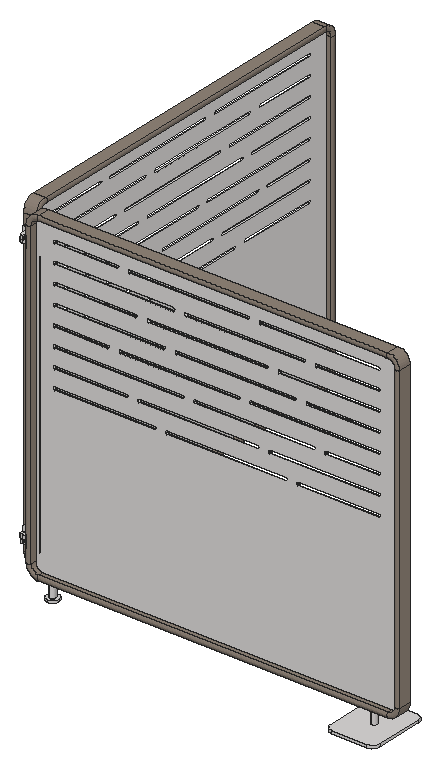
Revit family "Screen-Teknion-ZNFGH_Hinged_Screen-R2019", category Furniture, Revit 2020
Family settings
  OmniClass Number = 23.40.20.00
  OmniClass Title = General Furniture and Specialties
  Work Plane-Based = No
  Always vertical = Yes
  Cut with Voids When Loaded = No
  Shared = Yes
  Room Calculation Point = No
Parameters (values of type "Partial Slot Screen 1, Partial Slot Screen 2")
  Warranty = "http://www.teknion.com/ca/papers/legal-canada"
  Unit Weight URL = "http://www.teknion.com/ca/tools/assets#&asset=bee6a381-b954-425e-8283-5a2de3a804f2,f828d448-4b62-4231-9e5f-9a8991c0ed77"
  URL = "www.teknion.com"
  Trim Wood Finish [instance] = Veneer - Teknion - BR - Greystone Beech
  To render please download texture images found here [instance] = "https://assets.teknion.com/web/5e81352c1dfdb467/revit-material-swatches/"
  Sustainability Data = "https://www.teknion.com/ca/tools/assets#&topic=216f99a5-57a0-44fc-b10a-9dee9b29ae4c&asset=444deb64-fe58-4b68-981e-f75e97781df7,b4ff2d81-9f2e-437d-9659-7cffb09c31cf"
  Slot [instance] = and(Screen 1 Width = 36.000")  # no
  Series = "Screens"
  Screen Finish [instance] = Laminate - Teknion - 2T -Crisp Grey
  Screen 2 Width [instance] = 60.000"
  Screen 1 Width [instance] = 60.000"
  Product Page URL = "https://www.teknion.com/ca/products/product-details?productlineid=b28c7a6e-8e7a-673b-a6c8-ff64004460c4"
  Product Line = "Zones"
  Product Documentation Link = "https://www.teknion.com/pricing/zones/pdfs/ZNFGH_ppg.pdf"
  Partial Slot Screen 2 = yes
  Partial Slot Screen 1 = yes
  Part Number = "ZNFGH"
  Paint Finish [instance] = Seamless Paint - Teknion - 25 - Crisp Grey
  Model = "ZNFGH55PP____"
  Manufacturer Phone = "416-661-3370"  # constant formula
  Manufacturer Fax = "416.661.4586"  # constant formula
  Manufacturer Contact Information = "http://www.teknion.com/ca/contactus"
  Manufacturer Address = "1150 Flint Road, Toronto, ON. M3J 2J5. Canada"  # constant formula
  Manufacturer = "Teknion"  # constant formula
  How To Use Teknion Materials User Guide [instance] = "https://assets.teknion.com/m/205dd0a49fa58060/original/How-to-add-a-Material-Library-and-Texture-Images-to-your-Revit-project.pdf"
  For Additional Finishes please visit [instance] = "https://assets.teknion.com/m/44a8009b046e5d47/original/Teknion_Materials_Library.zip"
  Description = "Partial Slot Screen1, Partial Slot Screen 2"
  Default Elevation = 17.400"
  Available Screens Width [instance] = "36,42,48,54,or 60 inches."  # constant formula
  Available Angle = "The hinged screen can be freely angled between 90°-120°"
  Assembly Code = "E2020200"
  Angle [instance] = 90.00°
  Actual Screen 2 Width [instance] = if(Screen 2 Width = 36.000", 42.162", if(Screen 2 Width = 42.000", 48.162", if(Screen 2 Width = 48.000", 54.162", if(Screen 2 Width = 54.000", 60.162", 66.162"))))  # 66.162"
  Actual Screen 1 Width [instance] = if(Screen 1 Width = 36.000", 42.162", if(Screen 1 Width = 42.000", 48.162", if(Screen 1 Width = 48.000", 54.162", if(Screen 1 Width = 54.000", 60.162", 66.162"))))  # 66.162"
  60" Slot Screen 2 Partial [instance] = if(and(Partial Slot Screen 2, Screen 2 Width = 60.000"), 30.186", 60.000")  # 30.186"
  60" Slot Screen 1 Partial [instance] = if(and(Partial Slot Screen 1, Screen 1 Width = 60.000"), 30.186", 60.000")  # 30.186"
  54" Slot Screen 2 Partial [instance] = if(and(Partial Slot Screen 2, Screen 2 Width = 54.000"), 30.186", 60.000")  # 60.000"
  54" Slot Screen 1 Partial [instance] = if(and(Partial Slot Screen 1, Screen 1 Width = 54.000"), 30.186", 60.000")  # 60.000"
  48" Slot Screen 2 Partial [instance] = if(and(Partial Slot Screen 2, Screen 2 Width = 48.000"), 30.186", 60.000")  # 60.000"
  48" Slot Screen 1 Partial [instance] = if(and(Partial Slot Screen 1, Screen 1 Width = 48.000"), 30.186", 60.000")  # 60.000"
  42" Slot Screen 2 Partial [instance] = if(and(Partial Slot Screen 2, Screen 2 Width = 42.000"), 30.186", 60.000")  # 60.000"
  42" Slot Screen 1 Partial [instance] = if(and(Partial Slot Screen 1, Screen 1 Width = 42.000"), 30.186", 60.000")  # 60.000"
  36" Slot Screen 2 Partial [instance] = if(and(Partial Slot Screen 2, Screen 2 Width = 36.000"), 30.186", 60.000")  # 60.000"
  36" Slot Screen 1 Partial [instance] = if(and(Partial Slot Screen 1, Screen 1 Width = 36.000"), 30.186", 60.000")  # 60.000"
Reference planes (in)
  plane 1 "Center Front/Back": y = 14.74584
  plane 2: z = 0
  plane 3 "Center Left/Right": x = 10.13232
  plane 4 "Left": x = -22.94868
  plane 5 "Right": x = 43.21332
  plane 6 "Back": y = 47.82684
  plane 7 "Front": y = -18.33516
  plane 8 "Top": z = 55.0595
  plane 9: x = -19.09045
  plane 10: x = -17.94868
  plane 11: y = -14.47864
  plane 12: y = -13.34424
Forms (in)
  Sweep 1, solid, material "Seamless Paint - Teknion - 25 - Crisp Grey" <- "Paint Finish"
    path origin (-34.02955, -22.90961, 0) x (0, 1, 0) y (0, 0, 1)
      loop
        line (15.04054, 2.4575) -> (15.04054, 2.5625)
    profile origin (-34.02955, -7.86907, 2.51) x (0, -1, 0) y (1, 0, 0)
      loop
        line (1.6548, 15.24317) -> (1.6548, 16.91856) -> (-1.59525, 16.91856) -> (-1.59525, 15.24317) -> (1.6548, 15.24317)
  Sweep 2, solid, material "Seamless Paint - Teknion - 25 - Crisp Grey" <- "Paint Finish"
    path origin (-34.02955, 4.61953, 0) x (0, 1, 0) y (0, 0, 1)
      loop
        line (-13.37253, 2.4575) -> (-13.37253, 0.4579)
    profile origin (-34.02955, -8.753, 1.4577) x (1, 0, 0) y (0, 1, 0)
      loop
        circle (16.08201, 0.04072) r 0.5
  Sweep 3, solid, material "Seamless Paint - Teknion - 25 - Crisp Grey" <- "Paint Finish"
    path origin (-34.02955, 4.61953, 0) x (0, 1, 0) y (0, 0, 1)
      loop
        line (-13.183, 0) -> (-13.183, 0.24189)
    profile origin (-34.02955, -8.56346, 0.12094) x (0, -1, 0) y (1, 0, 0)
      loop
        circle (0.14854, 16.08057) r 1
  Sweep 4, solid, material "Seamless Paint - Teknion - 25 - Crisp Grey" <- "Paint Finish"
    path origin (-34.02955, 4.61953, 0) x (0, 1, 0) y (0, 0, 1)
      loop
        line (-13.33181, 0.4579) -> (-13.33181, 0.24189)
    profile origin (-34.02955, -8.71228, 0.34989) x (1, 0, 0) y (0, 1, 0)
      loop
        circle (16.08225, -0.00232) r 0.37663
  Sweep 5, solid, material "Seamless Paint - Teknion - 25 - Crisp Grey" <- "Paint Finish"
    path origin (-34.02935, 4.61311, 0) x (0, 1, 0) y (0, 0, 1)
      loop
        line (37.77122, 0.375) -> (37.77122, 0)
    profile origin (-34.02935, 42.38434, 0.1875) x (1, 0, 0) y (0, 1, 0)
      loop
        line (11.08067, 3.3189) -> (11.08067, -2.3189)
        arc (11.08067, -2.3189) -> (11.42661, -3.15406) -> (12.26178, -3.5) r 1.1811
        line (12.26178, -3.5) -> (19.89957, -3.5)
        arc (19.89957, -3.5) -> (20.73474, -3.15406) -> (21.08067, -2.3189) r 1.1811
        line (21.08067, -2.3189) -> (21.08067, 3.3189)
        arc (21.08067, 3.3189) -> (20.73474, 4.15406) -> (19.89957, 4.5) r 1.1811
        line (19.89957, 4.5) -> (12.26178, 4.5)
        arc (12.26178, 4.5) -> (11.42661, 4.15406) -> (11.08067, 3.3189) r 1.1811
  Sweep 6, solid, material "Seamless Paint - Teknion - 25 - Crisp Grey" <- "Paint Finish"
    path origin (-34.02935, 4.61311, 0) x (0, 1, 0) y (0, 0, 1)
      loop
        line (38.10346, 2.4575) -> (38.10346, 0.375)
    profile origin (-34.02935, 42.71657, 1.41625) x (1, 0, 0) y (0, 1, 0)
      loop
        circle (16.08114, 0.16756) r 0.5
  Sweep 7, solid, material "Seamless Paint - Teknion - 25 - Crisp Grey" <- "Paint Finish"
    path origin (-34.02935, 4.61311, 0) x (0, 1, 0) y (0, 0, 1)
      loop
        line (39.0412, 2.4575) -> (39.0412, 2.5625)
    profile origin (-34.02935, 43.65431, 2.51) x (0, -1, 0) y (1, 0, 0)
      loop
        line (1.58258, 15.24317) -> (1.58258, 16.91856) -> (-1.52294, 16.91856) -> (-1.52294, 15.24317) -> (1.58258, 15.24317)
  Sweep 8, solid, material "Laminate - Teknion - 2T -Crisp Grey" <- "Screen Finish"
    path origin (-4.61352, 7.03937, 0) x (0, -1, 0) y (1, 0, 0)
      loop
        line (18.42578, -13.21341) -> (-40.00018, -13.21341)
    profile origin (-17.82693, 17.82657, 0) x (-1, 0, 0) y (0, 0, 1)
      loop
        line (0, 54.27222) -> (0, 3.3499) -> (0.2435, 3.3499) -> (0.2435, 54.27222) -> (0, 54.27222)
  Sweep 9, solid, material "Seamless Paint - Teknion - 25 - Crisp Grey" <- "Paint Finish"
    path origin (0, 0, 0) x (1, 0, 0) y (0, 1, 0)
      loop
        line (-18.74953, -12.17381) -> (-18.74953, -12.36181)
    profile origin (-18.74953, -12.26781, 0) x (1, 0, 0) y (0, 0, 1)
      loop
        line (-0.12106, 51.07408) -> (-0.12106, 49.6533)
        arc (-0.12106, 49.6533) -> (-0.00577, 49.37496) -> (0.27258, 49.25966) r 0.39364
        line (0.27258, 49.25966) -> (1.32913, 49.25966)
        arc (1.32913, 49.25966) -> (1.60747, 49.37496) -> (1.72277, 49.6533) r 0.39364
        line (1.72277, 49.6533) -> (1.72277, 51.07408)
        arc (1.72277, 51.07408) -> (1.60747, 51.35242) -> (1.32913, 51.46772) r 0.39364
        line (1.32913, 51.46772) -> (0.27258, 51.46772)
        arc (0.27258, 51.46772) -> (-0.00577, 51.35242) -> (-0.12106, 51.07408) r 0.39364
  Sweep 10, solid, material "Seamless Paint - Teknion - 25 - Crisp Grey" <- "Paint Finish"
    path origin (10.13232, 0, 0) x (0, 1, 0) y (0, 0, 1)
      loop
        line (-12.96992, 50.36907) -> (-12.96992, 49.78786)
    profile origin (10.13232, -12.96992, 50.07846) x (1, 0, 0) y (0, 1, 0)
      loop
        line (-28.45808, 0.67111) -> (-28.44637, 0) -> (-27.71563, 0) -> (-27.70392, 0.67111) -> (-28.45808, 0.67111)
  Sweep 11, solid, material "Seamless Paint - Teknion - 25 - Crisp Grey" <- "Paint Finish"
    path origin (10.13232, 0, 0) x (0, 1, 0) y (0, 0, 1)
      loop
        line (-12.29881, 50.36907) -> (-12.29881, 50.91284)
    profile origin (10.13232, -12.29881, 50.64096) x (0, -1, 0) y (1, 0, 0)
      loop
        line (1.4899, -27.92197) -> (1.35023, -27.84455)
        arc (1.35023, -27.84455) -> (1.12424, -27.75325) -> (0.88287, -27.71933) r 1
        line (0.88287, -27.71933) -> (0.06295, -27.70501) -> (0.06295, -28.45699) -> (0.88287, -28.44267)
        arc (0.88287, -28.44267) -> (1.12424, -28.40875) -> (1.35023, -28.31745) r 1
        line (1.35023, -28.31745) -> (1.4899, -28.24003) -> (1.4899, -27.92197)
  Sweep 12, solid, material "Seamless Paint - Teknion - 25 - Crisp Grey" <- "Paint Finish"
    path origin (0.00027, 0, -43.11535) x (1, 0, 0) y (0, 1, 0)
      loop
        line (-18.74953, -12.17381) -> (-18.74953, -12.36181)
    profile origin (-18.74926, -12.26781, -43.11535) x (1, 0, 0) y (0, 0, 1)
      loop
        line (-0.12106, 51.07408) -> (-0.12106, 49.6533)
        arc (-0.12106, 49.6533) -> (-0.00577, 49.37496) -> (0.27258, 49.25966) r 0.39364
        line (0.27258, 49.25966) -> (1.32913, 49.25966)
        arc (1.32913, 49.25966) -> (1.60747, 49.37496) -> (1.72277, 49.6533) r 0.39364
        line (1.72277, 49.6533) -> (1.72277, 51.07408)
        arc (1.72277, 51.07408) -> (1.60747, 51.35242) -> (1.32913, 51.46772) r 0.39364
        line (1.32913, 51.46772) -> (0.27258, 51.46772)
        arc (0.27258, 51.46772) -> (-0.00577, 51.35242) -> (-0.12106, 51.07408) r 0.39364
  Sweep 13, solid, material "Seamless Paint - Teknion - 25 - Crisp Grey" <- "Paint Finish"
    path origin (-1.86753, 0, -42.57157) x (0, 1, 0) y (0, 0, 1)
      loop
        line (-12.96992, 50.36907) -> (-12.96992, 49.78786)
    profile origin (-1.86753, -12.96992, 7.50689) x (1, 0, 0) y (0, 1, 0)
      loop
        line (-16.45796, 0.67111) -> (-16.44625, 0) -> (-15.7155, 0) -> (-15.70379, 0.67111) -> (-16.45796, 0.67111)
  Sweep 14, solid, material "Seamless Paint - Teknion - 25 - Crisp Grey" <- "Paint Finish"
    path origin (-1.86753, 0, -43.69656) x (0, 1, 0) y (0, 0, 1)
      loop
        line (-12.29881, 50.36907) -> (-12.29881, 50.91284)
    profile origin (-1.86753, -12.29881, 6.9444) x (0, -1, 0) y (1, 0, 0)
      loop
        line (1.4899, -15.92185) -> (1.35023, -15.84443)
        arc (1.35023, -15.84443) -> (1.12424, -15.75312) -> (0.88287, -15.7192) r 1
        line (0.88287, -15.7192) -> (0.06295, -15.70489) -> (0.06295, -16.45686) -> (0.88287, -16.44255)
        arc (0.88287, -16.44255) -> (1.12424, -16.40863) -> (1.35023, -16.31732) r 1
        line (1.35023, -16.31732) -> (1.4899, -16.2399) -> (1.4899, -15.92185)
  Sweep 15, void
    path origin (0, 0, 0) x (1, 0, 0) y (0, 1, 0)
      loop
        line (-21.02332, 23.12762) -> (-14.30403, 23.12762)
    profile origin (-17.66368, 23.12762, 0) x (0, 1, 0) y (0, 0, 1)
      loop
        line (8.66287, 81.66932) -> (1.74417, 81.66932)
        arc (1.74417, 81.66932) -> (1.4489, 81.37405) -> (1.74417, 81.07877) r 0.29528
        line (1.74417, 81.07877) -> (8.66287, 81.07877)
        arc (8.66287, 81.07877) -> (8.87166, 81.16526) -> (8.95814, 81.37405) r 0.29528
        arc (8.95814, 81.37405) -> (8.87166, 81.58284) -> (8.66287, 81.66932) r 0.29528
      loop
        line (8.66287, 78.66142) -> (-10.25808, 78.66142)
        arc (-10.25808, 78.66142) -> (-10.55335, 78.36614) -> (-10.25808, 78.07087) r 0.29528
        line (-10.25808, 78.07087) -> (8.66287, 78.07087)
        arc (8.66287, 78.07087) -> (8.87166, 78.15735) -> (8.95814, 78.36614) r 0.29528
        arc (8.95814, 78.36614) -> (8.87166, 78.57493) -> (8.66287, 78.66142) r 0.29528
      loop
        arc (-19.25808, 78.66142) -> (-19.55335, 78.36614) -> (-19.25808, 78.07087) r 0.29528
        line (-19.25808, 78.07087) -> (-12.34618, 78.07087)
        arc (-12.34618, 78.07087) -> (-12.05091, 78.36614) -> (-12.34618, 78.66142) r 0.29528
        line (-12.34618, 78.66142) -> (-19.25808, 78.66142)
      loop
        line (2.65394, 75.64961) -> (-19.25808, 75.64961)
        arc (-19.25808, 75.64961) -> (-19.55335, 75.35433) -> (-19.25808, 75.05906) r 0.29528
        line (-19.25808, 75.05906) -> (2.65394, 75.05906)
        arc (2.65394, 75.05906) -> (2.94922, 75.35433) -> (2.65394, 75.64961) r 0.29528
      loop
        arc (8.66287, 75.05906) -> (8.87166, 75.14554) -> (8.95814, 75.35433) r 0.29528
        arc (8.95814, 75.35433) -> (8.87166, 75.56312) -> (8.66287, 75.64961) r 0.29528
        line (8.66287, 75.64961) -> (4.74449, 75.64961)
        arc (4.74449, 75.64961) -> (4.44922, 75.35433) -> (4.74449, 75.05906) r 0.29528
        line (4.74449, 75.05906) -> (8.66287, 75.05906)
      loop
        line (8.66287, 72.6378) -> (-11.75811, 72.6378)
        arc (-11.75811, 72.6378) -> (-12.05339, 72.34252) -> (-11.75811, 72.04724) r 0.29528
        line (-11.75811, 72.04724) -> (8.66287, 72.04724)
        arc (8.66287, 72.04724) -> (8.87166, 72.13373) -> (8.95814, 72.34252) r 0.29528
        arc (8.95814, 72.34252) -> (8.87166, 72.55131) -> (8.66287, 72.6378) r 0.29528
      loop
        arc (-19.25808, 72.6378) -> (-19.55335, 72.34252) -> (-19.25808, 72.04724) r 0.29528
        line (-19.25808, 72.04724) -> (-13.84606, 72.04724)
        arc (-13.84606, 72.04724) -> (-13.55078, 72.34252) -> (-13.84606, 72.6378) r 0.29528
        line (-13.84606, 72.6378) -> (-19.25808, 72.6378)
      loop
        line (-1.84606, 69.62598) -> (-19.25808, 69.62598)
        arc (-19.25808, 69.62598) -> (-19.55335, 69.33071) -> (-19.25808, 69.03543) r 0.29528
        line (-19.25808, 69.03543) -> (-1.84606, 69.03543)
        arc (-1.84606, 69.03543) -> (-1.55078, 69.33071) -> (-1.84606, 69.62598) r 0.29528
      loop
        arc (8.66287, 69.03543) -> (8.87166, 69.12192) -> (8.95814, 69.33071) r 0.29528
        arc (8.95814, 69.33071) -> (8.87166, 69.5395) -> (8.66287, 69.62598) r 0.29528
        line (8.66287, 69.62598) -> (0.24084, 69.62598)
        arc (0.24084, 69.62598) -> (-0.05444, 69.33071) -> (0.24084, 69.03543) r 0.29528
        line (0.24084, 69.03543) -> (8.66287, 69.03543)
      loop
        line (8.66287, 66.61417) -> (-8.75585, 66.61417)
        arc (-8.75585, 66.61417) -> (-9.05112, 66.3189) -> (-8.75585, 66.02362) r 0.29528
        line (-8.75585, 66.02362) -> (8.66287, 66.02362)
        arc (8.66287, 66.02362) -> (8.87166, 66.11011) -> (8.95814, 66.3189) r 0.29528
        arc (8.95814, 66.3189) -> (8.87166, 66.52769) -> (8.66287, 66.61417) r 0.29528
      loop
        arc (-19.25808, 66.61417) -> (-19.55335, 66.3189) -> (-19.25808, 66.02362) r 0.29528
        line (-19.25808, 66.02362) -> (-10.84606, 66.02362)
        arc (-10.84606, 66.02362) -> (-10.55078, 66.3189) -> (-10.84606, 66.61417) r 0.29528
        line (-10.84606, 66.61417) -> (-19.25808, 66.61417)
      loop
        line (8.66287, 63.60236) -> (3.24449, 63.60236)
        arc (3.24449, 63.60236) -> (2.94922, 63.30709) -> (3.24449, 63.01181) r 0.29528
        line (3.24449, 63.01181) -> (8.66287, 63.01181)
        arc (8.66287, 63.01181) -> (8.87166, 63.0983) -> (8.95814, 63.30709) r 0.29528
        arc (8.95814, 63.30709) -> (8.87166, 63.51588) -> (8.66287, 63.60236) r 0.29528
      loop
        arc (-19.25808, 63.60236) -> (-19.55335, 63.30709) -> (-19.25808, 63.01181) r 0.29528
        line (-19.25808, 63.01181) -> (1.15394, 63.01181)
        arc (1.15394, 63.01181) -> (1.44922, 63.30709) -> (1.15394, 63.60236) r 0.29528
        line (1.15394, 63.60236) -> (-19.25808, 63.60236)
      loop
        line (8.66287, 60.59055) -> (-13.2582, 60.59055)
        arc (-13.2582, 60.59055) -> (-13.55348, 60.29528) -> (-13.2582, 60) r 0.29528
        line (-13.2582, 60) -> (8.66287, 60)
        arc (8.66287, 60) -> (8.87166, 60.08648) -> (8.95814, 60.29528) r 0.29528
        arc (8.95814, 60.29528) -> (8.87166, 60.50407) -> (8.66287, 60.59055) r 0.29528
      loop
        arc (-19.25808, 60.59055) -> (-19.55335, 60.29528) -> (-19.25808, 60) r 0.29528
        line (-19.25808, 60) -> (-15.34588, 60)
        arc (-15.34588, 60) -> (-15.0506, 60.29528) -> (-15.34588, 60.59055) r 0.29528
        line (-15.34588, 60.59055) -> (-19.25808, 60.59055)
      loop
        line (-0.34521, 81.67323) -> (-19.25808, 81.67323)
        arc (-19.25808, 81.67323) -> (-19.55335, 81.37795) -> (-19.25808, 81.08268) r 0.29528
        line (-19.25808, 81.08268) -> (-0.34521, 81.08268)
        arc (-0.34521, 81.08268) -> (-0.04994, 81.37795) -> (-0.34521, 81.67323) r 0.29528
  Sweep 16, solid, material "Veneer - Teknion - BR - Greystone Beech" <- "Trim Wood Finish"
    path origin (10.13232, 0, 0) x (0, 1, 0) y (0, 0, 1)
      loop
        arc (-10.20531, 54.2721) -> (-11.04047, 53.92617) -> (-11.38641, 53.091) r 1.1811
        line (-11.38641, 53.091) -> (-11.38641, 4.531)
        arc (-11.38641, 4.531) -> (-11.04047, 3.69583) -> (-10.20531, 3.3499) r 1.1811
        line (-10.20531, 3.3499) -> (45.85833, 3.3499)
        arc (45.85833, 3.3499) -> (46.6935, 3.69583) -> (47.03944, 4.531) r 1.1811
        line (47.03944, 4.531) -> (47.03944, 53.091)
        arc (47.03944, 53.091) -> (46.6935, 53.92617) -> (45.85833, 54.2721) r 1.1811
        line (45.85833, 54.2721) -> (-10.20531, 54.2721)
    profile origin (10.13232, 17.82651, 54.2721) x (0, 0, 1) y (1, 0, 0)
      loop
        arc (0.7874, -27.09675) -> (0.3937, -26.93904) -> (0, -27.09675) r 0.57028
        line (0, -27.09675) -> (0, -29.06525)
        arc (0, -29.06525) -> (0.3937, -29.22273) -> (0.7874, -29.06525) r 0.57087
        line (0.7874, -29.06525) -> (0.7874, -27.09675)
  Sweep 17, void
    path origin (0, 0, 0) x (1, 0, 0) y (0, 1, 0)
      loop
        line (-21.02234, 3.06769) -> (-14.27234, 3.06769)
    profile origin (-17.64734, 3.06769, 0) x (0, 1, 0) y (0, 0, 1)
      loop
        line (31.71897, 81.67323) -> (21.80378, 81.67323)
        arc (21.80378, 81.67323) -> (21.5085, 81.37795) -> (21.80378, 81.08268) r 0.29528
        line (21.80378, 81.08268) -> (31.71897, 81.08268)
        arc (31.71897, 81.08268) -> (32.01425, 81.37795) -> (31.71897, 81.67323) r 0.29528
      loop
        line (19.71323, 81.67323) -> (-2.20197, 81.67323)
        arc (-2.20197, 81.67323) -> (-2.49725, 81.37795) -> (-2.20197, 81.08268) r 0.29528
        line (-2.20197, 81.08268) -> (19.71323, 81.08268)
        arc (19.71323, 81.08268) -> (20.0085, 81.37795) -> (19.71323, 81.67323) r 0.29528
      loop
        line (31.71897, 78.66142) -> (9.80378, 78.66142)
        arc (9.80378, 78.66142) -> (9.5085, 78.36614) -> (9.80378, 78.07087) r 0.29528
        line (9.80378, 78.07087) -> (31.71897, 78.07087)
        arc (31.71897, 78.07087) -> (32.01425, 78.36614) -> (31.71897, 78.66142) r 0.29528
      loop
        line (7.71323, 78.66142) -> (-2.20197, 78.66142)
        arc (-2.20197, 78.66142) -> (-2.49725, 78.36614) -> (-2.20197, 78.07087) r 0.29528
        line (-2.20197, 78.07087) -> (7.71323, 78.07087)
        arc (7.71323, 78.07087) -> (8.0085, 78.36614) -> (7.71323, 78.66142) r 0.29528
      loop
        line (22.71323, 75.64961) -> (3.80378, 75.64961)
        arc (3.80378, 75.64961) -> (3.5085, 75.35433) -> (3.80378, 75.05906) r 0.29528
        line (3.80378, 75.05906) -> (22.71323, 75.05906)
        arc (22.71323, 75.05906) -> (23.0085, 75.35433) -> (22.71323, 75.64961) r 0.29528
      loop
        line (1.71323, 75.64961) -> (-2.20197, 75.64961)
        arc (-2.20197, 75.64961) -> (-2.49725, 75.35433) -> (-2.20197, 75.05906) r 0.29528
        line (-2.20197, 75.05906) -> (1.71323, 75.05906)
        arc (1.71323, 75.05906) -> (2.0085, 75.35433) -> (1.71323, 75.64961) r 0.29528
      loop
        line (6.21323, 72.6378) -> (-2.20197, 72.6378)
        arc (-2.20197, 72.6378) -> (-2.49725, 72.34252) -> (-2.20197, 72.04724) r 0.29528
        line (-2.20197, 72.04724) -> (6.21323, 72.04724)
        arc (6.21323, 72.04724) -> (6.5085, 72.34252) -> (6.21323, 72.6378) r 0.29528
      loop
        line (27.21323, 72.6378) -> (8.30378, 72.6378)
        arc (8.30378, 72.6378) -> (8.0085, 72.34252) -> (8.30378, 72.04724) r 0.29528
        line (8.30378, 72.04724) -> (27.21323, 72.04724)
        arc (27.21323, 72.04724) -> (27.5085, 72.34252) -> (27.21323, 72.6378) r 0.29528
      loop
        line (31.71897, 69.62598) -> (20.30378, 69.62598)
        arc (20.30378, 69.62598) -> (20.0085, 69.33071) -> (20.30378, 69.03543) r 0.29528
        line (20.30378, 69.03543) -> (31.71897, 69.03543)
        arc (31.71897, 69.03543) -> (32.01425, 69.33071) -> (31.71897, 69.62598) r 0.29528
      loop
        line (29.30378, 72.04724) -> (31.71897, 72.04724)
        arc (31.71897, 72.04724) -> (32.01425, 72.34252) -> (31.71897, 72.6378) r 0.29528
        line (31.71897, 72.6378) -> (29.30378, 72.6378)
        arc (29.30378, 72.6378) -> (29.0085, 72.34252) -> (29.30378, 72.04724) r 0.29528
      loop
        line (24.80378, 75.05906) -> (31.71897, 75.05906)
        arc (31.71897, 75.05906) -> (32.01425, 75.35433) -> (31.71897, 75.64961) r 0.29528
        line (31.71897, 75.64961) -> (24.80378, 75.64961)
        arc (24.80378, 75.64961) -> (24.5085, 75.35433) -> (24.80378, 75.05906) r 0.29528
      loop
        line (18.21323, 69.62598) -> (-2.20197, 69.62598)
        arc (-2.20197, 69.62598) -> (-2.49725, 69.33071) -> (-2.20197, 69.03543) r 0.29528
        line (-2.20197, 69.03543) -> (18.21323, 69.03543)
        arc (18.21323, 69.03543) -> (18.5085, 69.33071) -> (18.21323, 69.62598) r 0.29528
      loop
        line (9.21323, 66.61417) -> (-2.20197, 66.61417)
        arc (-2.20197, 66.61417) -> (-2.49725, 66.3189) -> (-2.20197, 66.02362) r 0.29528
        line (-2.20197, 66.02362) -> (9.21323, 66.02362)
        arc (9.21323, 66.02362) -> (9.5085, 66.3189) -> (9.21323, 66.61417) r 0.29528
      loop
        line (11.30378, 66.02362) -> (31.71897, 66.02362)
        arc (31.71897, 66.02362) -> (32.01425, 66.3189) -> (31.71897, 66.61417) r 0.29528
        line (31.71897, 66.61417) -> (11.30378, 66.61417)
        arc (11.30378, 66.61417) -> (11.0085, 66.3189) -> (11.30378, 66.02362) r 0.29528
      loop
        line (21.21323, 63.60236) -> (2.30378, 63.60236)
        arc (2.30378, 63.60236) -> (2.0085, 63.30709) -> (2.30378, 63.01181) r 0.29528
        line (2.30378, 63.01181) -> (21.21323, 63.01181)
        arc (21.21323, 63.01181) -> (21.5085, 63.30709) -> (21.21323, 63.60236) r 0.29528
      loop
        line (-2.20197, 63.01181) -> (0.21323, 63.01181)
        arc (0.21323, 63.01181) -> (0.5085, 63.30709) -> (0.21323, 63.60236) r 0.29528
        line (0.21323, 63.60236) -> (-2.20197, 63.60236)
        arc (-2.20197, 63.60236) -> (-2.49725, 63.30709) -> (-2.20197, 63.01181) r 0.29528
      loop
        line (4.71323, 60.59055) -> (-2.20197, 60.59055)
        arc (-2.20197, 60.59055) -> (-2.49725, 60.29528) -> (-2.20197, 60) r 0.29528
        line (-2.20197, 60) -> (4.71323, 60)
        arc (4.71323, 60) -> (5.0085, 60.29528) -> (4.71323, 60.59055) r 0.29528
      loop
        line (25.71323, 60.59055) -> (6.80378, 60.59055)
        arc (6.80378, 60.59055) -> (6.5085, 60.29528) -> (6.80378, 60) r 0.29528
        line (6.80378, 60) -> (25.71323, 60)
        arc (25.71323, 60) -> (26.0085, 60.29528) -> (25.71323, 60.59055) r 0.29528
      loop
        line (31.71897, 60.59055) -> (27.80378, 60.59055)
        arc (27.80378, 60.59055) -> (27.5085, 60.29528) -> (27.80378, 60) r 0.29528
        line (27.80378, 60) -> (31.71897, 60)
        arc (31.71897, 60) -> (32.01425, 60.29528) -> (31.71897, 60.59055) r 0.29528
      loop
        line (23.30378, 63.01181) -> (31.71897, 63.01181)
        arc (31.71897, 63.01181) -> (32.01425, 63.30709) -> (31.71897, 63.60236) r 0.29528
        line (31.71897, 63.60236) -> (23.30378, 63.60236)
        arc (23.30378, 63.60236) -> (23.0085, 63.30709) -> (23.30378, 63.01181) r 0.29528
  Sweep 18, void
    path origin (0, 0, 0) x (1, 0, 0) y (0, 1, 0)
      loop
        line (-21.0159, 0.31335) -> (-14.2659, 0.31335)
    profile origin (-17.6409, 0.31335, 0) x (0, 1, 0) y (0, 0, 1)
      loop
        line (37.47331, 81.67323) -> (24.55811, 81.67323)
        arc (24.55811, 81.67323) -> (24.34932, 81.58674) -> (24.26284, 81.37795) r 0.29528
        arc (24.26284, 81.37795) -> (24.34932, 81.16916) -> (24.55811, 81.08268) r 0.29528
        line (24.55811, 81.08268) -> (37.47331, 81.08268)
        arc (37.47331, 81.08268) -> (37.6821, 81.16916) -> (37.76859, 81.37795) r 0.29528
        arc (37.76859, 81.37795) -> (37.6821, 81.58674) -> (37.47331, 81.67323) r 0.29528
      loop
        line (22.46756, 81.67323) -> (3.55811, 81.67323)
        arc (3.55811, 81.67323) -> (3.34932, 81.58674) -> (3.26284, 81.37795) r 0.29528
        arc (3.26284, 81.37795) -> (3.34932, 81.16916) -> (3.55811, 81.08268) r 0.29528
        line (3.55811, 81.08268) -> (22.46756, 81.08268)
        arc (22.46756, 81.08268) -> (22.67635, 81.16916) -> (22.76284, 81.37795) r 0.29528
        arc (22.76284, 81.37795) -> (22.67635, 81.58674) -> (22.46756, 81.67323) r 0.29528
      loop
        line (1.46756, 81.67323) -> (-2.44764, 81.67323)
        arc (-2.44764, 81.67323) -> (-2.74291, 81.37795) -> (-2.44764, 81.08268) r 0.29528
        line (-2.44764, 81.08268) -> (1.46756, 81.08268)
        arc (1.46756, 81.08268) -> (1.67635, 81.16916) -> (1.76284, 81.37795) r 0.29528
        arc (1.76284, 81.37795) -> (1.67635, 81.58674) -> (1.46756, 81.67323) r 0.29528
      loop
        line (10.46756, 78.66142) -> (-2.44764, 78.66142)
        arc (-2.44764, 78.66142) -> (-2.74291, 78.36614) -> (-2.44764, 78.07087) r 0.29528
        line (-2.44764, 78.07087) -> (10.46756, 78.07087)
        arc (10.46756, 78.07087) -> (10.67635, 78.15735) -> (10.76284, 78.36614) r 0.29528
        arc (10.76284, 78.36614) -> (10.67635, 78.57493) -> (10.46756, 78.66142) r 0.29528
      loop
        line (31.46756, 78.66142) -> (12.55811, 78.66142)
        arc (12.55811, 78.66142) -> (12.34932, 78.57493) -> (12.26284, 78.36614) r 0.29528
        arc (12.26284, 78.36614) -> (12.34932, 78.15735) -> (12.55811, 78.07087) r 0.29528
        line (12.55811, 78.07087) -> (31.46756, 78.07087)
        arc (31.46756, 78.07087) -> (31.67635, 78.15735) -> (31.76284, 78.36614) r 0.29528
        arc (31.76284, 78.36614) -> (31.67635, 78.57493) -> (31.46756, 78.66142) r 0.29528
      loop
        line (37.47331, 78.66142) -> (33.55811, 78.66142)
        arc (33.55811, 78.66142) -> (33.34932, 78.57493) -> (33.26284, 78.36614) r 0.29528
        arc (33.26284, 78.36614) -> (33.34932, 78.15735) -> (33.55811, 78.07087) r 0.29528
        line (33.55811, 78.07087) -> (37.47331, 78.07087)
        arc (37.47331, 78.07087) -> (37.6821, 78.15735) -> (37.76859, 78.36614) r 0.29528
        arc (37.76859, 78.36614) -> (37.6821, 78.57493) -> (37.47331, 78.66142) r 0.29528
      loop
        line (37.47331, 75.64961) -> (27.55811, 75.64961)
        arc (27.55811, 75.64961) -> (27.34932, 75.56312) -> (27.26284, 75.35433) r 0.29528
        arc (27.26284, 75.35433) -> (27.34932, 75.14554) -> (27.55811, 75.05906) r 0.29528
        line (27.55811, 75.05906) -> (37.47331, 75.05906)
        arc (37.47331, 75.05906) -> (37.6821, 75.14554) -> (37.76859, 75.35433) r 0.29528
        arc (37.76859, 75.35433) -> (37.6821, 75.56312) -> (37.47331, 75.64961) r 0.29528
      loop
        line (25.46756, 75.64961) -> (6.55811, 75.64961)
        arc (6.55811, 75.64961) -> (6.34932, 75.56312) -> (6.26284, 75.35433) r 0.29528
        arc (6.26284, 75.35433) -> (6.34932, 75.14554) -> (6.55811, 75.05906) r 0.29528
        line (6.55811, 75.05906) -> (25.46756, 75.05906)
        arc (25.46756, 75.05906) -> (25.67635, 75.14554) -> (25.76284, 75.35433) r 0.29528
        arc (25.76284, 75.35433) -> (25.67635, 75.56312) -> (25.46756, 75.64961) r 0.29528
      loop
        line (4.46756, 75.64961) -> (-2.44764, 75.64961)
        arc (-2.44764, 75.64961) -> (-2.74291, 75.35433) -> (-2.44764, 75.05906) r 0.29528
        line (-2.44764, 75.05906) -> (4.46756, 75.05906)
        arc (4.46756, 75.05906) -> (4.67635, 75.14554) -> (4.76284, 75.35433) r 0.29528
        arc (4.76284, 75.35433) -> (4.67635, 75.56312) -> (4.46756, 75.64961) r 0.29528
      loop
        line (-2.44764, 72.04724) -> (8.96756, 72.04724)
        arc (8.96756, 72.04724) -> (9.17635, 72.13373) -> (9.26284, 72.34252) r 0.29528
        arc (9.26284, 72.34252) -> (9.17635, 72.55131) -> (8.96756, 72.6378) r 0.29528
        line (8.96756, 72.6378) -> (-2.44764, 72.6378)
        arc (-2.44764, 72.6378) -> (-2.74291, 72.34252) -> (-2.44764, 72.04724) r 0.29528
      loop
        line (29.96756, 72.6378) -> (11.05811, 72.6378)
        arc (11.05811, 72.6378) -> (10.84932, 72.55131) -> (10.76284, 72.34252) r 0.29528
        arc (10.76284, 72.34252) -> (10.84932, 72.13373) -> (11.05811, 72.04724) r 0.29528
        line (11.05811, 72.04724) -> (29.96756, 72.04724)
        arc (29.96756, 72.04724) -> (30.17635, 72.13373) -> (30.26284, 72.34252) r 0.29528
        arc (30.26284, 72.34252) -> (30.17635, 72.55131) -> (29.96756, 72.6378) r 0.29528
      loop
        line (37.47331, 72.6378) -> (32.05811, 72.6378)
        arc (32.05811, 72.6378) -> (31.84932, 72.55131) -> (31.76284, 72.34252) r 0.29528
        arc (31.76284, 72.34252) -> (31.84932, 72.13373) -> (32.05811, 72.04724) r 0.29528
        line (32.05811, 72.04724) -> (37.47331, 72.04724)
        arc (37.47331, 72.04724) -> (37.6821, 72.13373) -> (37.76859, 72.34252) r 0.29528
        arc (37.76859, 72.34252) -> (37.6821, 72.55131) -> (37.47331, 72.6378) r 0.29528
      loop
        line (37.47331, 69.62598) -> (23.05811, 69.62598)
        arc (23.05811, 69.62598) -> (22.84932, 69.5395) -> (22.76284, 69.33071) r 0.29528
        arc (22.76284, 69.33071) -> (22.84932, 69.12192) -> (23.05811, 69.03543) r 0.29528
        line (23.05811, 69.03543) -> (37.47331, 69.03543)
        arc (37.47331, 69.03543) -> (37.6821, 69.12192) -> (37.76859, 69.33071) r 0.29528
        arc (37.76859, 69.33071) -> (37.6821, 69.5395) -> (37.47331, 69.62598) r 0.29528
      loop
        line (20.96756, 69.62598) -> (2.05811, 69.62598)
        arc (2.05811, 69.62598) -> (1.84932, 69.5395) -> (1.76284, 69.33071) r 0.29528
        arc (1.76284, 69.33071) -> (1.84932, 69.12192) -> (2.05811, 69.03543) r 0.29528
        line (2.05811, 69.03543) -> (20.96756, 69.03543)
        arc (20.96756, 69.03543) -> (21.17635, 69.12192) -> (21.26284, 69.33071) r 0.29528
        arc (21.26284, 69.33071) -> (21.17635, 69.5395) -> (20.96756, 69.62598) r 0.29528
      loop
        line (-0.03244, 69.62598) -> (-2.44764, 69.62598)
        arc (-2.44764, 69.62598) -> (-2.74291, 69.33071) -> (-2.44764, 69.03543) r 0.29528
        line (-2.44764, 69.03543) -> (-0.03244, 69.03543)
        arc (-0.03244, 69.03543) -> (0.17635, 69.12192) -> (0.26284, 69.33071) r 0.29528
        arc (0.26284, 69.33071) -> (0.17635, 69.5395) -> (-0.03244, 69.62598) r 0.29528
      loop
        line (11.96756, 66.61417) -> (-2.44764, 66.61417)
        arc (-2.44764, 66.61417) -> (-2.74291, 66.3189) -> (-2.44764, 66.02362) r 0.29528
        line (-2.44764, 66.02362) -> (11.96756, 66.02362)
        arc (11.96756, 66.02362) -> (12.17635, 66.11011) -> (12.26284, 66.3189) r 0.29528
        arc (12.26284, 66.3189) -> (12.17635, 66.52769) -> (11.96756, 66.61417) r 0.29528
      loop
        line (14.05811, 66.02362) -> (32.96756, 66.02362)
        arc (32.96756, 66.02362) -> (33.17635, 66.11011) -> (33.26284, 66.3189) r 0.29528
        arc (33.26284, 66.3189) -> (33.17635, 66.52769) -> (32.96756, 66.61417) r 0.29528
        line (32.96756, 66.61417) -> (14.05811, 66.61417)
        arc (14.05811, 66.61417) -> (13.84932, 66.52769) -> (13.76284, 66.3189) r 0.29528
        arc (13.76284, 66.3189) -> (13.84932, 66.11011) -> (14.05811, 66.02362) r 0.29528
      loop
        line (37.47331, 66.61417) -> (35.05811, 66.61417)
        arc (35.05811, 66.61417) -> (34.84932, 66.52769) -> (34.76284, 66.3189) r 0.29528
        arc (34.76284, 66.3189) -> (34.84932, 66.11011) -> (35.05811, 66.02362) r 0.29528
        line (35.05811, 66.02362) -> (37.47331, 66.02362)
        arc (37.47331, 66.02362) -> (37.6821, 66.11011) -> (37.76859, 66.3189) r 0.29528
        arc (37.76859, 66.3189) -> (37.6821, 66.52769) -> (37.47331, 66.61417) r 0.29528
      loop
        line (37.47331, 63.60236) -> (26.05811, 63.60236)
        arc (26.05811, 63.60236) -> (25.84932, 63.51588) -> (25.76284, 63.30709) r 0.29528
        arc (25.76284, 63.30709) -> (25.84932, 63.0983) -> (26.05811, 63.01181) r 0.29528
        line (26.05811, 63.01181) -> (37.47331, 63.01181)
        arc (37.47331, 63.01181) -> (37.6821, 63.0983) -> (37.76859, 63.30709) r 0.29528
        arc (37.76859, 63.30709) -> (37.6821, 63.51588) -> (37.47331, 63.60236) r 0.29528
      loop
        line (30.55811, 60) -> (37.47331, 60)
        arc (37.47331, 60) -> (37.6821, 60.08648) -> (37.76859, 60.29528) r 0.29528
        arc (37.76859, 60.29528) -> (37.6821, 60.50407) -> (37.47331, 60.59055) r 0.29528
        line (37.47331, 60.59055) -> (30.55811, 60.59055)
        arc (30.55811, 60.59055) -> (30.34932, 60.50407) -> (30.26284, 60.29528) r 0.29528
        arc (30.26284, 60.29528) -> (30.34932, 60.08648) -> (30.55811, 60) r 0.29528
      loop
        line (28.46756, 60.59055) -> (9.55811, 60.59055)
        arc (9.55811, 60.59055) -> (9.34932, 60.50407) -> (9.26284, 60.29528) r 0.29528
        arc (9.26284, 60.29528) -> (9.34932, 60.08648) -> (9.55811, 60) r 0.29528
        line (9.55811, 60) -> (28.46756, 60)
        arc (28.46756, 60) -> (28.67635, 60.08648) -> (28.76284, 60.29528) r 0.29528
        arc (28.76284, 60.29528) -> (28.67635, 60.50407) -> (28.46756, 60.59055) r 0.29528
      loop
        line (5.05811, 63.01181) -> (23.96756, 63.01181)
        arc (23.96756, 63.01181) -> (24.17635, 63.0983) -> (24.26284, 63.30709) r 0.29528
        arc (24.26284, 63.30709) -> (24.17635, 63.51588) -> (23.96756, 63.60236) r 0.29528
        line (23.96756, 63.60236) -> (5.05811, 63.60236)
        arc (5.05811, 63.60236) -> (4.84932, 63.51588) -> (4.76284, 63.30709) r 0.29528
        arc (4.76284, 63.30709) -> (4.84932, 63.0983) -> (5.05811, 63.01181) r 0.29528
      loop
        line (-2.44764, 63.01181) -> (2.96756, 63.01181)
        arc (2.96756, 63.01181) -> (3.17635, 63.0983) -> (3.26284, 63.30709) r 0.29528
        arc (3.26284, 63.30709) -> (3.17635, 63.51588) -> (2.96756, 63.60236) r 0.29528
        line (2.96756, 63.60236) -> (-2.44764, 63.60236)
        arc (-2.44764, 63.60236) -> (-2.74291, 63.30709) -> (-2.44764, 63.01181) r 0.29528
      loop
        line (-2.44764, 60) -> (7.46756, 60)
        arc (7.46756, 60) -> (7.67635, 60.08648) -> (7.76284, 60.29528) r 0.29528
        arc (7.76284, 60.29528) -> (7.67635, 60.50407) -> (7.46756, 60.59055) r 0.29528
        line (7.46756, 60.59055) -> (-2.44764, 60.59055)
        arc (-2.44764, 60.59055) -> (-2.74291, 60.29528) -> (-2.44764, 60) r 0.29528
  Sweep 19, void
    path origin (0, 0, 0) x (1, 0, 0) y (0, 1, 0)
      loop
        line (-21.02888, -5.81406) -> (-14.27888, -5.81406)
    profile origin (-17.65388, -5.81406, 0) x (0, 1, 0) y (0, 0, 1)
      loop
        line (46.60072, 81.67323) -> (30.68552, 81.67323)
        arc (30.68552, 81.67323) -> (30.47673, 81.58674) -> (30.39025, 81.37795) r 0.29528
        arc (30.39025, 81.37795) -> (30.47673, 81.16916) -> (30.68552, 81.08268) r 0.29528
        line (30.68552, 81.08268) -> (46.60072, 81.08268)
        arc (46.60072, 81.08268) -> (46.80951, 81.16916) -> (46.896, 81.37795) r 0.29528
        arc (46.896, 81.37795) -> (46.80951, 81.58674) -> (46.60072, 81.67323) r 0.29528
      loop
        line (37.59497, 78.66142) -> (18.68552, 78.66142)
        arc (18.68552, 78.66142) -> (18.47673, 78.57493) -> (18.39025, 78.36614) r 0.29528
        arc (18.39025, 78.36614) -> (18.47673, 78.15735) -> (18.68552, 78.07087) r 0.29528
        line (18.68552, 78.07087) -> (37.59497, 78.07087)
        arc (37.59497, 78.07087) -> (37.80376, 78.15735) -> (37.89025, 78.36614) r 0.29528
        arc (37.89025, 78.36614) -> (37.80376, 78.57493) -> (37.59497, 78.66142) r 0.29528
      loop
        line (28.59497, 81.67323) -> (9.68552, 81.67323)
        arc (9.68552, 81.67323) -> (9.47673, 81.58674) -> (9.39025, 81.37795) r 0.29528
        arc (9.39025, 81.37795) -> (9.47673, 81.16916) -> (9.68552, 81.08268) r 0.29528
        line (9.68552, 81.08268) -> (28.59497, 81.08268)
        arc (28.59497, 81.08268) -> (28.80376, 81.16916) -> (28.89025, 81.37795) r 0.29528
        arc (28.89025, 81.37795) -> (28.80376, 81.58674) -> (28.59497, 81.67323) r 0.29528
      loop
        line (7.59497, 81.67323) -> (0.67978, 81.67323)
        arc (0.67978, 81.67323) -> (0.3845, 81.37795) -> (0.67978, 81.08268) r 0.29528
        line (0.67978, 81.08268) -> (7.59497, 81.08268)
        arc (7.59497, 81.08268) -> (7.80376, 81.16916) -> (7.89025, 81.37795) r 0.29528
        arc (7.89025, 81.37795) -> (7.80376, 81.58674) -> (7.59497, 81.67323) r 0.29528
      loop
        line (16.59497, 78.66142) -> (0.67978, 78.66142)
        arc (0.67978, 78.66142) -> (0.3845, 78.36614) -> (0.67978, 78.07087) r 0.29528
        line (0.67978, 78.07087) -> (16.59497, 78.07087)
        arc (16.59497, 78.07087) -> (16.80376, 78.15735) -> (16.89025, 78.36614) r 0.29528
        arc (16.89025, 78.36614) -> (16.80376, 78.57493) -> (16.59497, 78.66142) r 0.29528
      loop
        line (46.60072, 78.66142) -> (39.68552, 78.66142)
        arc (39.68552, 78.66142) -> (39.47673, 78.57493) -> (39.39025, 78.36614) r 0.29528
        arc (39.39025, 78.36614) -> (39.47673, 78.15735) -> (39.68552, 78.07087) r 0.29528
        line (39.68552, 78.07087) -> (46.60072, 78.07087)
        arc (46.60072, 78.07087) -> (46.80951, 78.15735) -> (46.896, 78.36614) r 0.29528
        arc (46.896, 78.36614) -> (46.80951, 78.57493) -> (46.60072, 78.66142) r 0.29528
      loop
        line (46.60072, 75.64961) -> (33.68552, 75.64961)
        arc (33.68552, 75.64961) -> (33.47673, 75.56312) -> (33.39025, 75.35433) r 0.29528
        arc (33.39025, 75.35433) -> (33.47673, 75.14554) -> (33.68552, 75.05906) r 0.29528
        line (33.68552, 75.05906) -> (46.60072, 75.05906)
        arc (46.60072, 75.05906) -> (46.80951, 75.14554) -> (46.896, 75.35433) r 0.29528
        arc (46.896, 75.35433) -> (46.80951, 75.56312) -> (46.60072, 75.64961) r 0.29528
      loop
        line (31.59497, 75.64961) -> (12.68552, 75.64961)
        arc (12.68552, 75.64961) -> (12.47673, 75.56312) -> (12.39025, 75.35433) r 0.29528
        arc (12.39025, 75.35433) -> (12.47673, 75.14554) -> (12.68552, 75.05906) r 0.29528
        line (12.68552, 75.05906) -> (31.59497, 75.05906)
        arc (31.59497, 75.05906) -> (31.80376, 75.14554) -> (31.89025, 75.35433) r 0.29528
        arc (31.89025, 75.35433) -> (31.80376, 75.56312) -> (31.59497, 75.64961) r 0.29528
      loop
        line (10.59497, 75.64961) -> (0.67978, 75.64961)
        arc (0.67978, 75.64961) -> (0.3845, 75.35433) -> (0.67978, 75.05906) r 0.29528
        line (0.67978, 75.05906) -> (10.59497, 75.05906)
        arc (10.59497, 75.05906) -> (10.80376, 75.14554) -> (10.89025, 75.35433) r 0.29528
        arc (10.89025, 75.35433) -> (10.80376, 75.56312) -> (10.59497, 75.64961) r 0.29528
      loop
        line (15.09497, 72.6378) -> (0.67978, 72.6378)
        arc (0.67978, 72.6378) -> (0.3845, 72.34252) -> (0.67978, 72.04724) r 0.29528
        line (0.67978, 72.04724) -> (15.09497, 72.04724)
        arc (15.09497, 72.04724) -> (15.30376, 72.13373) -> (15.39025, 72.34252) r 0.29528
        arc (15.39025, 72.34252) -> (15.30376, 72.55131) -> (15.09497, 72.6378) r 0.29528
      loop
        line (36.09497, 72.6378) -> (17.18552, 72.6378)
        arc (17.18552, 72.6378) -> (16.97673, 72.55131) -> (16.89025, 72.34252) r 0.29528
        arc (16.89025, 72.34252) -> (16.97673, 72.13373) -> (17.18552, 72.04724) r 0.29528
        line (17.18552, 72.04724) -> (36.09497, 72.04724)
        arc (36.09497, 72.04724) -> (36.30376, 72.13373) -> (36.39025, 72.34252) r 0.29528
        arc (36.39025, 72.34252) -> (36.30376, 72.55131) -> (36.09497, 72.6378) r 0.29528
      loop
        line (46.60072, 72.6378) -> (38.18552, 72.6378)
        arc (38.18552, 72.6378) -> (37.97673, 72.55131) -> (37.89025, 72.34252) r 0.29528
        arc (37.89025, 72.34252) -> (37.97673, 72.13373) -> (38.18552, 72.04724) r 0.29528
        line (38.18552, 72.04724) -> (46.60072, 72.04724)
        arc (46.60072, 72.04724) -> (46.80951, 72.13373) -> (46.896, 72.34252) r 0.29528
        arc (46.896, 72.34252) -> (46.80951, 72.55131) -> (46.60072, 72.6378) r 0.29528
      loop
        line (27.09497, 69.62598) -> (8.18552, 69.62598)
        arc (8.18552, 69.62598) -> (7.97673, 69.5395) -> (7.89025, 69.33071) r 0.29528
        arc (7.89025, 69.33071) -> (7.97673, 69.12192) -> (8.18552, 69.03543) r 0.29528
        line (8.18552, 69.03543) -> (27.09497, 69.03543)
        arc (27.09497, 69.03543) -> (27.30376, 69.12192) -> (27.39025, 69.33071) r 0.29528
        arc (27.39025, 69.33071) -> (27.30376, 69.5395) -> (27.09497, 69.62598) r 0.29528
      loop
        line (6.09497, 69.62598) -> (0.67978, 69.62598)
        arc (0.67978, 69.62598) -> (0.3845, 69.33071) -> (0.67978, 69.03543) r 0.29528
        line (0.67978, 69.03543) -> (6.09497, 69.03543)
        arc (6.09497, 69.03543) -> (6.30376, 69.12192) -> (6.39025, 69.33071) r 0.29528
        arc (6.39025, 69.33071) -> (6.30376, 69.5395) -> (6.09497, 69.62598) r 0.29528
      loop
        line (18.09497, 66.61417) -> (0.67978, 66.61417)
        arc (0.67978, 66.61417) -> (0.3845, 66.3189) -> (0.67978, 66.02362) r 0.29528
        line (0.67978, 66.02362) -> (18.09497, 66.02362)
        arc (18.09497, 66.02362) -> (18.30376, 66.11011) -> (18.39025, 66.3189) r 0.29528
        arc (18.39025, 66.3189) -> (18.30376, 66.52769) -> (18.09497, 66.61417) r 0.29528
      loop
        line (39.09497, 66.61417) -> (20.18552, 66.61417)
        arc (20.18552, 66.61417) -> (19.97673, 66.52769) -> (19.89025, 66.3189) r 0.29528
        arc (19.89025, 66.3189) -> (19.97673, 66.11011) -> (20.18552, 66.02362) r 0.29528
        line (20.18552, 66.02362) -> (39.09497, 66.02362)
        arc (39.09497, 66.02362) -> (39.30376, 66.11011) -> (39.39025, 66.3189) r 0.29528
        arc (39.39025, 66.3189) -> (39.30376, 66.52769) -> (39.09497, 66.61417) r 0.29528
      loop
        line (46.60072, 69.62598) -> (29.18552, 69.62598)
        arc (29.18552, 69.62598) -> (28.97673, 69.5395) -> (28.89025, 69.33071) r 0.29528
        arc (28.89025, 69.33071) -> (28.97673, 69.12192) -> (29.18552, 69.03543) r 0.29528
        line (29.18552, 69.03543) -> (46.60072, 69.03543)
        arc (46.60072, 69.03543) -> (46.80951, 69.12192) -> (46.896, 69.33071) r 0.29528
        arc (46.896, 69.33071) -> (46.80951, 69.5395) -> (46.60072, 69.62598) r 0.29528
      loop
        line (46.60072, 66.61417) -> (41.18552, 66.61417)
        arc (41.18552, 66.61417) -> (40.97673, 66.52769) -> (40.89025, 66.3189) r 0.29528
        arc (40.89025, 66.3189) -> (40.97673, 66.11011) -> (41.18552, 66.02362) r 0.29528
        line (41.18552, 66.02362) -> (46.60072, 66.02362)
        arc (46.60072, 66.02362) -> (46.80951, 66.11011) -> (46.896, 66.3189) r 0.29528
        arc (46.896, 66.3189) -> (46.80951, 66.52769) -> (46.60072, 66.61417) r 0.29528
      loop
        line (46.60072, 63.60236) -> (32.18552, 63.60236)
        arc (32.18552, 63.60236) -> (31.97673, 63.51588) -> (31.89025, 63.30709) r 0.29528
        arc (31.89025, 63.30709) -> (31.97673, 63.0983) -> (32.18552, 63.01181) r 0.29528
        line (32.18552, 63.01181) -> (46.60072, 63.01181)
        arc (46.60072, 63.01181) -> (46.80951, 63.0983) -> (46.896, 63.30709) r 0.29528
        arc (46.896, 63.30709) -> (46.80951, 63.51588) -> (46.60072, 63.60236) r 0.29528
      loop
        line (30.09497, 63.60236) -> (11.18552, 63.60236)
        arc (11.18552, 63.60236) -> (10.97673, 63.51588) -> (10.89025, 63.30709) r 0.29528
        arc (10.89025, 63.30709) -> (10.97673, 63.0983) -> (11.18552, 63.01181) r 0.29528
        line (11.18552, 63.01181) -> (30.09497, 63.01181)
        arc (30.09497, 63.01181) -> (30.30376, 63.0983) -> (30.39025, 63.30709) r 0.29528
        arc (30.39025, 63.30709) -> (30.30376, 63.51588) -> (30.09497, 63.60236) r 0.29528
      loop
        line (9.09497, 63.60236) -> (0.67978, 63.60236)
        arc (0.67978, 63.60236) -> (0.3845, 63.30709) -> (0.67978, 63.01181) r 0.29528
        line (0.67978, 63.01181) -> (9.09497, 63.01181)
        arc (9.09497, 63.01181) -> (9.30376, 63.0983) -> (9.39025, 63.30709) r 0.29528
        arc (9.39025, 63.30709) -> (9.30376, 63.51588) -> (9.09497, 63.60236) r 0.29528
      loop
        line (13.59497, 60.59055) -> (0.67978, 60.59055)
        arc (0.67978, 60.59055) -> (0.3845, 60.29528) -> (0.67978, 60) r 0.29528
        line (0.67978, 60) -> (13.59497, 60)
        arc (13.59497, 60) -> (13.80376, 60.08648) -> (13.89025, 60.29528) r 0.29528
        arc (13.89025, 60.29528) -> (13.80376, 60.50407) -> (13.59497, 60.59055) r 0.29528
      loop
        line (34.59497, 60.59055) -> (15.68552, 60.59055)
        arc (15.68552, 60.59055) -> (15.47673, 60.50407) -> (15.39025, 60.29528) r 0.29528
        arc (15.39025, 60.29528) -> (15.47673, 60.08648) -> (15.68552, 60) r 0.29528
        line (15.68552, 60) -> (34.59497, 60)
        arc (34.59497, 60) -> (34.80376, 60.08648) -> (34.89025, 60.29528) r 0.29528
        arc (34.89025, 60.29528) -> (34.80376, 60.50407) -> (34.59497, 60.59055) r 0.29528
      loop
        line (46.60072, 60.59055) -> (36.68552, 60.59055)
        arc (36.68552, 60.59055) -> (36.47673, 60.50407) -> (36.39025, 60.29528) r 0.29528
        arc (36.39025, 60.29528) -> (36.47673, 60.08648) -> (36.68552, 60) r 0.29528
        line (36.68552, 60) -> (46.60072, 60)
        arc (46.60072, 60) -> (46.80951, 60.08648) -> (46.896, 60.29528) r 0.29528
        arc (46.896, 60.29528) -> (46.80951, 60.50407) -> (46.60072, 60.59055) r 0.29528
  Sweep 20, void
    path origin (0, 0, 0) x (1, 0, 0) y (0, 1, 0)
      loop
        line (-21.07337, -8.8089) -> (-14.07337, -8.8089)
    profile origin (-17.57337, -8.8089, 0) x (0, 1, 0) y (0, 0, 1)
      loop
        line (52.59556, 30.77655) -> (39.68036, 30.77655)
        arc (39.68036, 30.77655) -> (39.47157, 30.69007) -> (39.38509, 30.48128) r 0.29528
        arc (39.38509, 30.48128) -> (39.47157, 30.27248) -> (39.68036, 30.186) r 0.29528
        line (39.68036, 30.186) -> (52.59556, 30.186)
        arc (52.59556, 30.186) -> (52.80435, 30.27248) -> (52.89084, 30.48128) r 0.29528
        arc (52.89084, 30.48128) -> (52.80435, 30.69007) -> (52.59556, 30.77655) r 0.29528
      loop
        line (37.58981, 30.77655) -> (18.68036, 30.77655)
        arc (18.68036, 30.77655) -> (18.47157, 30.69007) -> (18.38509, 30.48128) r 0.29528
        arc (18.38509, 30.48128) -> (18.47157, 30.27248) -> (18.68036, 30.186) r 0.29528
        line (18.68036, 30.186) -> (37.58981, 30.186)
        arc (37.58981, 30.186) -> (37.7986, 30.27248) -> (37.88509, 30.48128) r 0.29528
        arc (37.88509, 30.48128) -> (37.7986, 30.69007) -> (37.58981, 30.77655) r 0.29528
      loop
        line (16.58981, 30.77655) -> (0.67462, 30.77655)
        arc (0.67462, 30.77655) -> (0.37934, 30.48128) -> (0.67462, 30.186) r 0.29528
        line (0.67462, 30.186) -> (16.58981, 30.186)
        arc (16.58981, 30.186) -> (16.7986, 30.27248) -> (16.88509, 30.48128) r 0.29528
        arc (16.88509, 30.48128) -> (16.7986, 30.69007) -> (16.58981, 30.77655) r 0.29528
      loop
        line (12.08981, 33.78836) -> (0.67462, 33.78836)
        arc (0.67462, 33.78836) -> (0.37934, 33.49309) -> (0.67462, 33.19781) r 0.29528
        line (0.67462, 33.19781) -> (12.08981, 33.19781)
        arc (12.08981, 33.19781) -> (12.2986, 33.2843) -> (12.38509, 33.49309) r 0.29528
        arc (12.38509, 33.49309) -> (12.2986, 33.70188) -> (12.08981, 33.78836) r 0.29528
      loop
        line (33.08981, 33.78836) -> (14.18036, 33.78836)
        arc (14.18036, 33.78836) -> (13.97157, 33.70188) -> (13.88509, 33.49309) r 0.29528
        arc (13.88509, 33.49309) -> (13.97157, 33.2843) -> (14.18036, 33.19781) r 0.29528
        line (14.18036, 33.19781) -> (33.08981, 33.19781)
        arc (33.08981, 33.19781) -> (33.2986, 33.2843) -> (33.38509, 33.49309) r 0.29528
        arc (33.38509, 33.49309) -> (33.2986, 33.70188) -> (33.08981, 33.78836) r 0.29528
      loop
        line (52.59556, 33.78836) -> (35.18036, 33.78836)
        arc (35.18036, 33.78836) -> (34.97157, 33.70188) -> (34.88509, 33.49309) r 0.29528
        arc (34.88509, 33.49309) -> (34.97157, 33.2843) -> (35.18036, 33.19781) r 0.29528
        line (35.18036, 33.19781) -> (52.59556, 33.19781)
        arc (52.59556, 33.19781) -> (52.80435, 33.2843) -> (52.89084, 33.49309) r 0.29528
        arc (52.89084, 33.49309) -> (52.80435, 33.70188) -> (52.59556, 33.78836) r 0.29528
      loop
        line (52.59556, 36.80017) -> (44.18036, 36.80017)
        arc (44.18036, 36.80017) -> (43.97157, 36.71369) -> (43.88509, 36.5049) r 0.29528
        arc (43.88509, 36.5049) -> (43.97157, 36.29611) -> (44.18036, 36.20962) r 0.29528
        line (44.18036, 36.20962) -> (52.59556, 36.20962)
        arc (52.59556, 36.20962) -> (52.80435, 36.29611) -> (52.89084, 36.5049) r 0.29528
        arc (52.89084, 36.5049) -> (52.80435, 36.71369) -> (52.59556, 36.80017) r 0.29528
      loop
        line (42.08981, 36.80017) -> (23.18036, 36.80017)
        arc (23.18036, 36.80017) -> (22.97157, 36.71369) -> (22.88509, 36.5049) r 0.29528
        arc (22.88509, 36.5049) -> (22.97157, 36.29611) -> (23.18036, 36.20962) r 0.29528
        line (23.18036, 36.20962) -> (42.08981, 36.20962)
        arc (42.08981, 36.20962) -> (42.2986, 36.29611) -> (42.38509, 36.5049) r 0.29528
        arc (42.38509, 36.5049) -> (42.2986, 36.71369) -> (42.08981, 36.80017) r 0.29528
      loop
        line (21.08981, 36.80017) -> (0.67462, 36.80017)
        arc (0.67462, 36.80017) -> (0.37934, 36.5049) -> (0.67462, 36.20962) r 0.29528
        line (0.67462, 36.20962) -> (21.08981, 36.20962)
        arc (21.08981, 36.20962) -> (21.2986, 36.29611) -> (21.38509, 36.5049) r 0.29528
        arc (21.38509, 36.5049) -> (21.2986, 36.71369) -> (21.08981, 36.80017) r 0.29528
      loop
        line (9.08981, 39.81198) -> (0.67462, 39.81198)
        arc (0.67462, 39.81198) -> (0.37934, 39.51671) -> (0.67462, 39.22143) r 0.29528
        line (0.67462, 39.22143) -> (9.08981, 39.22143)
        arc (9.08981, 39.22143) -> (9.2986, 39.30792) -> (9.38509, 39.51671) r 0.29528
        arc (9.38509, 39.51671) -> (9.2986, 39.7255) -> (9.08981, 39.81198) r 0.29528
      loop
        line (11.18036, 39.22143) -> (30.08981, 39.22143)
        arc (30.08981, 39.22143) -> (30.2986, 39.30792) -> (30.38509, 39.51671) r 0.29528
        arc (30.38509, 39.51671) -> (30.2986, 39.7255) -> (30.08981, 39.81198) r 0.29528
        line (30.08981, 39.81198) -> (11.18036, 39.81198)
        arc (11.18036, 39.81198) -> (10.97157, 39.7255) -> (10.88509, 39.51671) r 0.29528
        arc (10.88509, 39.51671) -> (10.97157, 39.30792) -> (11.18036, 39.22143) r 0.29528
      loop
        line (32.18036, 39.22143) -> (52.59556, 39.22143)
        arc (52.59556, 39.22143) -> (52.80435, 39.30792) -> (52.89084, 39.51671) r 0.29528
        arc (52.89084, 39.51671) -> (52.80435, 39.7255) -> (52.59556, 39.81198) r 0.29528
        line (52.59556, 39.81198) -> (32.18036, 39.81198)
        arc (32.18036, 39.81198) -> (31.97157, 39.7255) -> (31.88509, 39.51671) r 0.29528
        arc (31.88509, 39.51671) -> (31.97157, 39.30792) -> (32.18036, 39.22143) r 0.29528
      loop
        line (41.18036, 42.23324) -> (52.59556, 42.23324)
        arc (52.59556, 42.23324) -> (52.80435, 42.31973) -> (52.89084, 42.52852) r 0.29528
        arc (52.89084, 42.52852) -> (52.80435, 42.73731) -> (52.59556, 42.8238) r 0.29528
        line (52.59556, 42.8238) -> (41.18036, 42.8238)
        arc (41.18036, 42.8238) -> (40.97157, 42.73731) -> (40.88509, 42.52852) r 0.29528
        arc (40.88509, 42.52852) -> (40.97157, 42.31973) -> (41.18036, 42.23324) r 0.29528
      loop
        line (39.08981, 42.8238) -> (20.18036, 42.8238)
        arc (20.18036, 42.8238) -> (19.97157, 42.73731) -> (19.88509, 42.52852) r 0.29528
        arc (19.88509, 42.52852) -> (19.97157, 42.31973) -> (20.18036, 42.23324) r 0.29528
        line (20.18036, 42.23324) -> (39.08981, 42.23324)
        arc (39.08981, 42.23324) -> (39.2986, 42.31973) -> (39.38509, 42.52852) r 0.29528
        arc (39.38509, 42.52852) -> (39.2986, 42.73731) -> (39.08981, 42.8238) r 0.29528
      loop
        line (18.08981, 42.8238) -> (0.67462, 42.8238)
        arc (0.67462, 42.8238) -> (0.37934, 42.52852) -> (0.67462, 42.23324) r 0.29528
        line (0.67462, 42.23324) -> (18.08981, 42.23324)
        arc (18.08981, 42.23324) -> (18.2986, 42.31973) -> (18.38509, 42.52852) r 0.29528
        arc (18.38509, 42.52852) -> (18.2986, 42.73731) -> (18.08981, 42.8238) r 0.29528
      loop
        line (10.58981, 51.85923) -> (0.67462, 51.85923)
        arc (0.67462, 51.85923) -> (0.37934, 51.56395) -> (0.67462, 51.26868) r 0.29528
        line (0.67462, 51.26868) -> (10.58981, 51.26868)
        arc (10.58981, 51.26868) -> (10.7986, 51.35516) -> (10.88509, 51.56395) r 0.29528
        arc (10.88509, 51.56395) -> (10.7986, 51.77274) -> (10.58981, 51.85923) r 0.29528
      loop
        line (12.68036, 51.26868) -> (31.58981, 51.26868)
        arc (31.58981, 51.26868) -> (31.7986, 51.35516) -> (31.88509, 51.56395) r 0.29528
        arc (31.88509, 51.56395) -> (31.7986, 51.77274) -> (31.58981, 51.85923) r 0.29528
        line (31.58981, 51.85923) -> (12.68036, 51.85923)
        arc (12.68036, 51.85923) -> (12.47157, 51.77274) -> (12.38509, 51.56395) r 0.29528
        arc (12.38509, 51.56395) -> (12.47157, 51.35516) -> (12.68036, 51.26868) r 0.29528
      loop
        line (21.68036, 48.25687) -> (40.58981, 48.25687)
        arc (40.58981, 48.25687) -> (40.7986, 48.34335) -> (40.88509, 48.55214) r 0.29528
        arc (40.88509, 48.55214) -> (40.7986, 48.76093) -> (40.58981, 48.84742) r 0.29528
        line (40.58981, 48.84742) -> (21.68036, 48.84742)
        arc (21.68036, 48.84742) -> (21.47157, 48.76093) -> (21.38509, 48.55214) r 0.29528
        arc (21.38509, 48.55214) -> (21.47157, 48.34335) -> (21.68036, 48.25687) r 0.29528
      loop
        line (33.68036, 51.26868) -> (52.59556, 51.26868)
        arc (52.59556, 51.26868) -> (52.80435, 51.35516) -> (52.89084, 51.56395) r 0.29528
        arc (52.89084, 51.56395) -> (52.80435, 51.77274) -> (52.59556, 51.85923) r 0.29528
        line (52.59556, 51.85923) -> (33.68036, 51.85923)
        arc (33.68036, 51.85923) -> (33.47157, 51.77274) -> (33.38509, 51.56395) r 0.29528
        arc (33.38509, 51.56395) -> (33.47157, 51.35516) -> (33.68036, 51.26868) r 0.29528
      loop
        line (42.68036, 48.25687) -> (52.59556, 48.25687)
        arc (52.59556, 48.25687) -> (52.80435, 48.34335) -> (52.89084, 48.55214) r 0.29528
